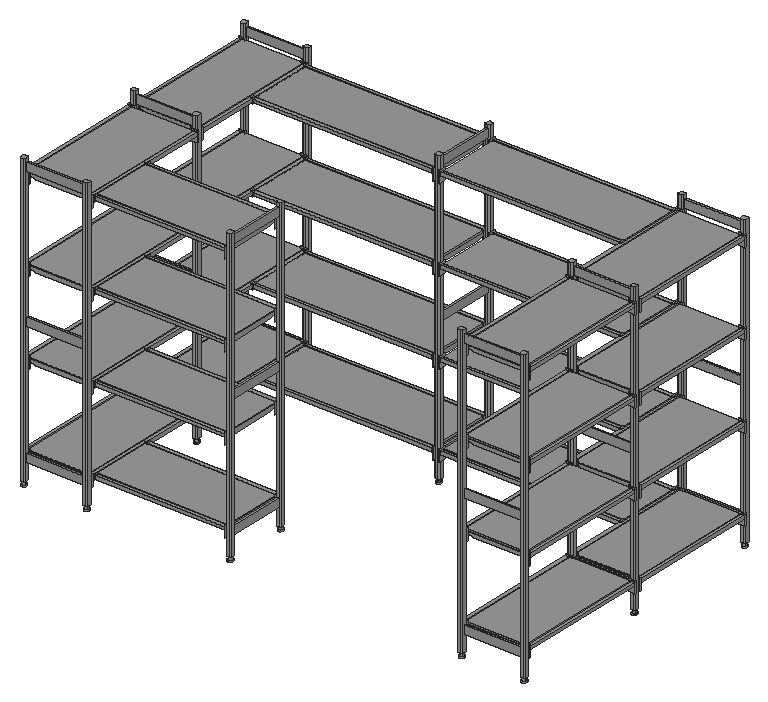
Revit family "QF_ELECTROLUXPROFESSIONAL_137105_CRS2816", category Attrezzature speciali, Revit 2020
Family settings
  Quota connettore circolare = Usa diametro
  Tipo di parte = Normale
  Basato su piano di lavoro = No
  Sempre verticale = Sì
  Taglio con vuoti quando caricato = No
  Condiviso = No
  Punto di calcolo locali = No
Parameters (values of type "Standard")
  Weight = 100.00 kg
  Watts = 0 W
  Volts = 0 V
  URL Manufacturer = "https://www.electroluxprofessional.com/"
  URL = "https://www.electroluxprofessional.com/"
  Steam Supply Size = 0 mm
  Steam Supply Minimum Pressure = 0.0 Pa
  Steam Supply Maximum Pressure = 0.0 Pa
  Steam Consumption per Hour = 0
  Refrigeration Suction Line Size = 0 mm
  Refrigeration Liquid Line Size = 0 mm
  Refrigerant Compressor Remote = yes
  Prospetto di default = 0 mm
  Produttore = "Electrolux Professional"
  Phase = 0
  Modello = "CRS2816"
  Length Actual = 708 mm  # constant formula
  Item Number = "137105"
  Hot Water Size = 0 mm
  Height Actual = 1550 mm  # constant formula
  HP = "0 HP"
  Gas Size = 0 mm
  Gas KW = 0
  Gas Input Pressure = 0 W
  Direct Waste Size = 0 mm
  Descrizione = "ALUM.SHELV.,POLY.TIERS-COLDROOM 283X163"
  Depth Actual = 373 mm  # constant formula
  Cycle = 0 Hz
  Condensate Return Size = 0 mm
  Compressed Air Volume = 0.0 L/s
  Compressed Air Size = 0 mm
  Compressed Air Pressure = 0.0 Pa
  Cold Water Size = 0 mm
  Accessory = yes
Reference planes
  plane 1 "Center (Front/Back)": y = 0
  plane 2: z = 0
  plane 3 "Center (Left/Right)": x = 0
  plane 4: x = -1415
  plane 5: y = 815
  plane 6: y = -815
  plane 7: x = 1415
  plane 8: x = -1369
  plane 9: x = 1369
  plane 10: y = 758
  plane 11: y = -758
Forms (mm)
  Extrusion 1, solid, material "QF_Clearances", detail levels coarse
    sketch origin (0, 0, 0) x (1, 0, 0) y (0, 1, 0)
      loop
        line (-1415, -815) -> (295, -815) -> (295, -758) -> (-1369, -758) -> (-1369, 758) -> (1369, 758) -> (1369, -758) -> (969, -758) -> (969, -815) -> (1415, -815) -> (1415, 815) -> (-1415, 815) -> (-1415, -815)
    from 0 to 1590
Lines and regions (mm)
  symbolic lines, style "QF_Clearances"
    curve 1: line (-1415, 815, 0) -> (-1415, -815, 0)
    curve 2: line (1415, 815, 0) -> (-1415, 815, 0)
    curve 3: line (1415, -815, 0) -> (1415, 815, 0)
  symbolic lines
    curve 4: line (-1413.483, -55, 0) -> (-1415, -55, 0)
Dimensions and locks
  equal spacing: plane 5, plane 1 "Center (Front/Back)", plane 6
  plane 5 to plane 6 = 1630 mm
  equal spacing: plane 4, plane 3 "Center (Left/Right)", plane 7
  plane 4 to plane 7 = 2830 mm
  plane 4 to plane 8 = 46 mm
  plane 8 to plane 9 = 2738 mm
  plane 11 to plane 6 = 57 mm
  plane 10 to plane 11 = 1516 mm
  Extrusion 1 to nested 5 = 57 mm
  plane 8 to nested 7 = 1117 mm
  nested 7 to Extrusion 1 = 547 mm
  plane 4 to Extrusion 1 = 1710 mm
  aligned and locked: level to plane 2
  aligned and locked: plane 4 to Extrusion 1 sketch curve
  aligned and locked: Extrusion 1 sketch curve to plane 5
  aligned and locked: Extrusion 1 sketch curve to plane 7
  aligned and locked: Extrusion 1 sketch curve to plane 8
  aligned and locked: Extrusion 1 sketch curve to plane 10
  aligned and locked: plane 9 to Extrusion 1 sketch curve
  aligned and locked: Extrusion 1 sketch curve to plane 11
  aligned and locked: Extrusion 1 sketch curve to plane 6
Automatic sketch dimensions
  curve 1 to plane 4 = 0 mm
  plane 5 to curve 3 = 0 mm
  curve 3 to plane 7 = 0 mm
  curve 1 to plane 6 = 0 mm
  plane 6 to curve 3 = 0 mm
  curve 4 to curve 4 = 1.517 mm
  plane 1 "Center (Front/Back)" to curve 4 = 55 mm
  plane 3 "Center (Left/Right)" to Extrusion 1 sketch curve = 295 mm
  Extrusion 1 sketch curve to plane 9 = 400 mm
  plane 6 to Extrusion 1 sketch curve = 0 mm
  plane 11 to Extrusion 1 sketch curve = 0 mm
Nested families
  nested 1: "QF_708" at (-1346, 403, 0) x (0, 1, 0) z (0, 0, 1), type "QF_708"
  nested 2: "QF_708" at (1019, 403, 0) x (0, 1, 0) z (0, 0, 1), type "QF_708"
  nested 3: "QF_708" at (1019, -341, 0) x (0, 1, 0) z (0, 0, 1), type "QF_708"
  nested 4: "QF_974G" at (535.5, 506.5, 0) x (0, -1, 0) z (0, 0, 1), type "QF_974G"
  nested 5: "QF_974G" at (-535.5, 506.5, 0) x (0, -1, 0) z (0, 0, 1), type "QF_974G"
  nested 6: "QF_708" at (-1346, -341, 0) x (0, 1, 0) z (0, 0, 1), type "QF_708"
  nested 7: "QF_708G" at (-801.5, -506.5, 0) x (0, 1, 0) z (0, 0, 1), type "QF_708G"
Definition of nested family "QF_708"
  Parameters
    Default Elevation = 0 mm
    Model = "137010"
    Manufacturer = "Electrolux Professional"
    Description = ""
  Reference planes
    plane 1: z = 0
    plane 2 "Center (Left/Right)": x = -31
    plane 3 "LEFT": x = -417
    plane 4 "RIGHT": x = 355
    plane 5 "BACK": y = 23
    plane 6 "FRONT": y = -350
    plane 7 "TOP": z = 1700
    plane 8: x = 350
    plane 9: x = -385
    plane 10: x = 323
    plane 11 "Center (Front/Back)": y = -163.5
    plane 12: x = 318
    plane 13: y = -8.5
    plane 14: y = -318.5
    plane 15 "FEET": z = 25
    plane 16: z = 140
    plane 17: z = 590
    plane 18: z = 1040
    plane 19: z = 1490
    plane 20 "CXLeft": x = -403
    plane 21 "CXRight": x = 341
    plane 22: y = 5.5
    plane 23 "CYBack": y = 5.5
    plane 24 "CYFront": y = -332.5
  Forms (mm)
    Extrusion 1, solid
      sketch origin (-417, 0, 0) x (0, 1, 0) y (0, 0, 1)
        loop
          line (4, 1515.994) -> (4, 1497.998) -> (23, 1497.998) -> (23, 1515.994) -> (4, 1515.994)
        loop
          line (-331, 1515.994) -> (-350, 1515.994) -> (-350, 1497.998) -> (-331, 1497.998) -> (-331, 1515.994)
        loop
          line (4, 1065.994) -> (4, 1047.998) -> (23, 1047.998) -> (23, 1065.994) -> (4, 1065.994)
        loop
          line (-331, 1065.994) -> (-350, 1065.994) -> (-350, 1047.998) -> (-331, 1047.998) -> (-331, 1065.994)
        loop
          line (4, 615.994) -> (4, 597.998) -> (23, 597.998) -> (23, 615.994) -> (4, 615.994)
        loop
          line (-331, 615.994) -> (-350, 615.994) -> (-350, 597.998) -> (-331, 597.998) -> (-331, 615.994)
        loop
          line (4, 165.994) -> (4, 147.998) -> (23, 147.998) -> (23, 165.994) -> (4, 165.994)
        loop
          line (-331, 165.994) -> (-350, 165.994) -> (-350, 147.998) -> (-331, 147.998) -> (-331, 165.994)
      from 32 to 740
    Extrusion 2, solid
      sketch origin (-417, 0, 135) x (0, 1, 0) y (0, 0, 1)
        loop
          line (2.007, 1380.994) -> (-329, 1380.994) -> (-329, 1374.496) -> (2.007, 1374.496) -> (2.007, 1380.994)
        loop
          line (2.007, 930.994) -> (-329, 930.994) -> (-329, 924.496) -> (2.007, 924.496) -> (2.007, 930.994)
        loop
          line (2.007, 480.994) -> (-329, 480.994) -> (-329, 474.496) -> (2.007, 474.496) -> (2.007, 480.994)
        loop
          line (2.007, 30.994) -> (-329, 30.994) -> (-329, 24.496) -> (2.007, 24.496) -> (2.007, 30.994)
      from 32 to 740
    Extrusion 3, solid
      sketch origin (355, 0, 135) x (0, 1, 0) y (0, 0, 1)
        loop
          line (-12, 1362.998) -> (4, 1362.998) -> (4, 1380.994) -> (2.007, 1380.994) -> (2.007, 1374.496) -> (-329, 1374.496) -> (-329, 1380.994) -> (-331, 1380.994) -> (-331, 1362.998) -> (-315, 1362.998) -> (-281, 1350.994) -> (-46, 1350.994) -> (-12, 1362.998)
        loop
          line (-12, 912.998) -> (4, 912.998) -> (4, 930.994) -> (2.007, 930.994) -> (2.007, 924.496) -> (-329, 924.496) -> (-329, 930.994) -> (-331, 930.994) -> (-331, 912.998) -> (-315, 912.998) -> (-281, 900.994) -> (-46, 900.994) -> (-12, 912.998)
        loop
          line (-12, 462.998) -> (4, 462.998) -> (4, 480.994) -> (2.007, 480.994) -> (2.007, 474.496) -> (-329, 474.496) -> (-329, 480.994) -> (-331, 480.994) -> (-331, 462.998) -> (-315, 462.998) -> (-281, 450.994) -> (-46, 450.994) -> (-12, 462.998)
        loop
          line (-12, 12.998) -> (4, 12.998) -> (4, 30.994) -> (2.007, 30.994) -> (2.007, 24.496) -> (-329, 24.496) -> (-329, 30.994) -> (-331, 30.994) -> (-331, 12.998) -> (-315, 12.998) -> (-281, 0.994) -> (-46, 0.994) -> (-12, 12.998)
      from -32 to -37
  Lines and regions (mm)
    symbolic lines
      curve 1: line (323, 4, 1700) -> (-385, 4, 1700)
      curve 2: line (-389, 23, 1700) -> (327, 23, 1700)
      curve 3: line (327, 13.246, 1700) -> (333.254, 19.5, 1700)
      curve 4: line (333.254, -8.5, 1700) -> (327, -2.246, 1700)
      curve 5: line (333.254, -318.5, 1700) -> (327, -324.754, 1700)
      curve 6: line (-389, -350, 1700) -> (327, -350, 1700)
      curve 7: line (327, 23, 1700) -> (327, -12.993, 1700)
      curve 8: line (327, -12.993, 1700) -> (323, -12.993, 1700)
      curve 9: line (327, -350, 1700) -> (327, -314.007, 1700)
      curve 10: line (327, -314.007, 1700) -> (323, -314.007, 1700)
      curve 11: line (-385, -12.993, 1700) -> (-385, -314.007, 1700)
      curve 12: line (-385, -331, 1700) -> (323, -331, 1700)
      curve 13: line (323, -12.993, 1700) -> (323, -314.007, 1700)
  Dimensions and locks
    locked: plane 3 "LEFT" to plane 4 "RIGHT" at 772
    equal spacing: plane 3 "LEFT", plane 2 "Center (Left/Right)", plane 4 "RIGHT"
    locked: plane 7 "TOP" to level at 1700
    locked: plane 5 "BACK" to plane 6 "FRONT" at 373
    locked: plane 4 "RIGHT" to plane 8 at 5
    locked: plane 9 to plane 10 at 708
    locked: plane 3 "LEFT" to plane 9 at 32
    plane 12 to plane 10 = 5 mm
    locked: plane 13 to plane 14 at 310
    equal spacing: plane 13, plane 11 "Center (Front/Back)", plane 14
    equal spacing: plane 5 "BACK", plane 11 "Center (Front/Back)", plane 6 "FRONT"
    plane 15 "FEET" to level = 25 mm
    plane 7 "TOP" to plane 15 "FEET" = 1675 mm
    plane 17 to plane 16 = 450 mm
    plane 18 to plane 17 = 450 mm
    plane 19 to plane 18 = 450 mm
    locked: plane 3 "LEFT" to plane 20 "CXLeft" at 14
    locked: plane 21 "CXRight" to plane 4 "RIGHT" at 14
    locked: plane 5 "BACK" to plane 23 "CYBack" at 17.5
    locked: plane 24 "CYFront" to plane 6 "FRONT" at 17.5
    plane 16 to level = 140 mm
    plane 17 to level = 590 mm
    plane 18 to level = 1040 mm
    plane 19 to level = 1490 mm
    aligned and locked: level to plane 1
    aligned and locked: plane 9 to Extrusion 2
    aligned and locked: Extrusion 2 to plane 10
    aligned and locked: plane 9 to Extrusion 1
    aligned and locked: Extrusion 1 to plane 10
    aligned and locked: Extrusion 1 sketch curve to Extrusion 1 sketch curve  (x2)
    aligned and locked: Extrusion 3 sketch curve to Extrusion 3 sketch curve  (x3)
    aligned and locked: Extrusion 3 to plane 12
    aligned and locked: Extrusion 3 to plane 10
    aligned and locked: plane 20 "CXLeft" to nested 1
    aligned and locked: plane 21 "CXRight" to nested 2
  Automatic sketch dimensions
    Extrusion 1 sketch curve to plane 6 "FRONT" = 0 mm  (x4)
    Extrusion 1 sketch curve to plane 5 "BACK" = 0 mm  (x4)
    plane 24 "CYFront" to Extrusion 1 sketch curve = 1.5 mm  (x2)
    plane 22 to Extrusion 1 sketch curve = 1.5 mm  (x4)
    plane 16 to Extrusion 1 sketch curve = 7.998 mm  (x2)
    Extrusion 1 sketch curve to Extrusion 1 sketch curve = 17.997 mm  (x8)
    plane 17 to Extrusion 1 sketch curve = 7.998 mm  (x2)
    plane 18 to Extrusion 1 sketch curve = 7.998 mm  (x2)
    plane 19 to Extrusion 1 sketch curve = 7.998 mm  (x2)
    plane 24 "CYFront" to Extrusion 2 sketch curve = 3.5 mm  (x4)
    plane 22 to Extrusion 2 sketch curve = 3.493 mm  (x4)
    plane 16 to Extrusion 2 sketch curve = 19.496 mm
    Extrusion 2 sketch curve to Extrusion 2 sketch curve = 6.499 mm  (x4)
    plane 17 to Extrusion 2 sketch curve = 19.496 mm
    plane 18 to Extrusion 2 sketch curve = 19.496 mm
    plane 19 to Extrusion 2 sketch curve = 19.496 mm
    plane 24 "CYFront" to Extrusion 3 sketch curve = 1.5 mm  (x4)
    Extrusion 3 sketch curve to Extrusion 3 sketch curve = 2 mm
    plane 14 to Extrusion 3 sketch curve = 3.5 mm  (x4)
    Extrusion 3 sketch curve to plane 16 = 4.006 mm
    Extrusion 3 sketch curve to Extrusion 3 sketch curve = 34 mm  (x4)
    Extrusion 3 sketch curve to plane 17 = 4.006 mm
    Extrusion 3 sketch curve to plane 18 = 4.006 mm
    Extrusion 3 sketch curve to plane 19 = 4.006 mm
    Extrusion 3 sketch curve to plane 13 = 37.5 mm  (x4)
    Extrusion 3 sketch curve to plane 13 = 3.5 mm  (x4)
    plane 22 to Extrusion 3 sketch curve = 3.493 mm  (x4)
    plane 22 to Extrusion 3 sketch curve = 1.5 mm  (x4)
    plane 16 to Extrusion 3 sketch curve = 7.998 mm  (x2)
    Extrusion 3 sketch curve to Extrusion 3 sketch curve = 11.498 mm  (x4)
    Extrusion 3 sketch curve to Extrusion 3 sketch curve = 6.499 mm  (x8)
    plane 17 to Extrusion 3 sketch curve = 7.998 mm  (x2)
    plane 18 to Extrusion 3 sketch curve = 7.998 mm  (x2)
    plane 19 to Extrusion 3 sketch curve = 7.998 mm  (x2)
    curve 6 to plane 6 "FRONT" = 0 mm
    curve 12 to plane 9 = 0 mm
    curve 12 to plane 10 = 0 mm
    curve 5 to plane 14 = 0 mm
    curve 11 to plane 9 = 0 mm
    curve 8 to plane 10 = 0 mm
    curve 4 to plane 13 = 0 mm
    curve 1 to plane 9 = 0 mm
    curve 1 to plane 10 = 0 mm
    curve 2 to plane 5 "BACK" = 0 mm
    plane 14 to curve 10 = 4.493 mm
    curve 7 to plane 13 = 4.493 mm
    curve 10 to plane 10 = 4 mm
    curve 7 to plane 10 = 4 mm
    plane 24 "CYFront" to curve 12 = 1.5 mm
    curve 5 to plane 14 = 6.254 mm
    plane 14 to curve 11 = 4.493 mm
    curve 11 to plane 13 = 4.493 mm
    plane 13 to curve 4 = 6.254 mm
    plane 22 to curve 1 = 1.5 mm
    curve 3 to plane 22 = 7.746 mm
    curve 3 to plane 5 "BACK" = 3.5 mm
    curve 5 to curve 9 = 6.254 mm
    curve 3 to curve 2 = 6.254 mm
    curve 4 to curve 7 = 6.254 mm
    plane 9 to curve 2 = 4 mm
    plane 9 to curve 6 = 4 mm
  Nested families
    nested 1: "WT_Anta373B" at (0, 0, 0), type "WT_Anta373B"
    nested 2: "WT_Anta373B" at (-62, 0, 0) x (-1, 0, 0) z (0, 0, 1), type "WT_Anta373B"
  Definition of nested family "WT_Anta373B"
    Parameters
      WidthLeft = A + 64 mm  # 772 mm
      Width = 1606 mm
      Right = WidthLeft / 2  # 386 mm
      Default Elevation = 0 mm
      Left = -WidthLeft / 2  # -386 mm
      Height = 1590 mm
      FEET = 25 mm
      E = 0 mm
      Dint = Depth - 63 mm  # 310 mm
      Dext = Depth - 8 mm  # 365 mm
      Depth = 373 mm
      DX = (WidthLeft - A) / 2  # 32 mm
      B = 798 mm
      A = 708 mm
    Reference planes
      plane 1: z = 0
      plane 2 "LEFT": x = -417
      plane 3 "BACK": y = 23
      plane 4 "FRONT": y = -350
      plane 5 "TOP": z = 1590
      plane 6 "Center (Front/Back)": y = -163.5
      plane 7: y = -8.5
      plane 8: y = -318.5
      plane 9 "FEET": z = 25
      plane 10: z = 140
      plane 11: z = 590
      plane 12: z = 1040
      plane 13: z = 1490
      plane 14 "CXLeft": x = -403
      plane 15: y = 5.5
      plane 16 "CYBack": y = 5.5
      plane 17 "CYFront": y = -332.5
      plane 18: x = -385.031
      plane 19: x = -380.031
    Forms (mm)
      Extrusion 1, solid
        sketch origin (0, 0, 0) x (1, 0, 0) y (0, 1, 0)
          loop
            line (-417, 13.246) -> (-417, -2.246) -> (-410.746, -8.5) -> (-395.254, -8.5) -> (-389, -2.246) -> (-389, 13.246) -> (-395.254, 19.5) -> (-410.746, 19.5) -> (-417, 13.246)
        from 1590 to 25
      Extrusion 2, solid
        sketch origin (-417, 0, 0) x (0, 1, 0) y (0, 0, 1)
          loop
            line (23, 111.005) -> (23, 172.993) -> (-12.993, 172.993) -> (-12.993, 111.005) -> (23, 111.005)
          loop
            line (-350, 111.005) -> (-314.007, 111.005) -> (-314.007, 172.993) -> (-350, 172.993) -> (-350, 111.005)
          loop
            line (23, 561.005) -> (23, 622.993) -> (-12.993, 622.993) -> (-12.993, 561.005) -> (23, 561.005)
          loop
            line (-350, 561.005) -> (-314.007, 561.005) -> (-314.007, 622.993) -> (-350, 622.993) -> (-350, 561.005)
          loop
            line (23, 1011.005) -> (23, 1072.993) -> (-12.993, 1072.993) -> (-12.993, 1011.005) -> (23, 1011.005)
          loop
            line (-350, 1011.005) -> (-314.007, 1011.005) -> (-314.007, 1072.993) -> (-350, 1072.993) -> (-350, 1011.005)
          loop
            line (23, 1461.005) -> (23, 1522.993) -> (-12.993, 1522.993) -> (-12.993, 1461.005) -> (23, 1461.005)
          loop
            line (-350, 1461.005) -> (-314.007, 1461.005) -> (-314.007, 1522.993) -> (-350, 1522.993) -> (-350, 1461.005)
        from 28 to 32
      Revolve 3, solid
        sketch origin (-403, 0, 0) x (0, 1, 0) y (0, 0, 1)
          loop
            line (5.5, 25) -> (5.5, 0) -> (19, 0) -> (19, 5) -> (14, 5) -> (14, 25) -> (5.5, 25)
          axis (5.5, 25) -> (5.5, 0)
        angle from 0 to 360
      Extrusion 4, solid
        sketch origin (-403, 0, 0) x (0, 1, 0) y (0, 0, 1)
          loop
            line (-8.5, 777.382) -> (-8.5, 822.374) -> (-318.5, 822.374) -> (-318.5, 777.382) -> (-8.5, 777.382)
          loop
            line (-8.5, 1527.244) -> (-8.5, 1572.236) -> (-318.5, 1572.236) -> (-318.5, 1527.244) -> (-8.5, 1527.244)
        from -5 to 5
      Revolve 5, solid
        sketch origin (-403, -627, 0) x (0, -1, 0) y (0, 0, 1)
          loop
            line (-294.5, 25) -> (-294.5, 0) -> (-281, 0) -> (-281, 5) -> (-286, 5) -> (-286, 25) -> (-294.5, 25)
          axis (-294.5, 25) -> (-294.5, 0)
        angle from 0 to 360
      Extrusion 6, solid
        sketch origin (0, -627, 0) x (1, 0, 0) y (0, 1, 0)
          loop
            line (-417, 286.754) -> (-410.746, 280.5) -> (-395.254, 280.5) -> (-389, 286.754) -> (-389, 302.246) -> (-395.254, 308.5) -> (-410.746, 308.5) -> (-417, 302.246) -> (-417, 286.754)
        from 1590 to 25
      Extrusion 7, solid
        sketch origin (-417.031, -0.022, 0) x (0, 1, 0) y (0, 0, -1)
          loop
            line (-12, -1497.998) -> (-46, -1485.994) -> (-281, -1485.994) -> (-315, -1497.998) -> (-331, -1497.998) -> (-331, -1515.994) -> (-329, -1515.994) -> (-329, -1509.496) -> (2.007, -1509.496) -> (2.007, -1515.994) -> (4, -1515.994) -> (4, -1497.998) -> (-12, -1497.998)
          loop
            line (-12, -1047.998) -> (-46, -1035.994) -> (-281, -1035.994) -> (-315, -1047.998) -> (-331, -1047.998) -> (-331, -1065.994) -> (-329, -1065.994) -> (-329, -1059.496) -> (2.007, -1059.496) -> (2.007, -1065.994) -> (4, -1065.994) -> (4, -1047.998) -> (-12, -1047.998)
          loop
            line (-12, -597.998) -> (-46, -585.994) -> (-281, -585.994) -> (-315, -597.998) -> (-331, -597.998) -> (-331, -615.994) -> (-329, -615.994) -> (-329, -609.496) -> (2.007, -609.496) -> (2.007, -615.994) -> (4, -615.994) -> (4, -597.998) -> (-12, -597.998)
          loop
            line (-12, -147.998) -> (-46, -135.994) -> (-281, -135.994) -> (-315, -147.998) -> (-331, -147.998) -> (-331, -165.994) -> (-329, -165.994) -> (-329, -159.496) -> (2.007, -159.496) -> (2.007, -165.994) -> (4, -165.994) -> (4, -147.998) -> (-12, -147.998)
        from -32 to -37
      Extrusion 8, solid
        sketch origin (-403, 0, -659.878) x (0, 1, 0) y (0, 0, 1)
          loop
            line (-8.5, 777.382) -> (-8.5, 822.374) -> (-318.5, 822.374) -> (-318.5, 777.382) -> (-8.5, 777.382)
          loop
            line (-8.5, 1437.382) -> (-8.5, 1482.374) -> (-318.5, 1482.374) -> (-318.5, 1437.382) -> (-8.5, 1437.382)
          loop
            line (-8.5, 2187.382) -> (-8.5, 2232.374) -> (-318.5, 2232.374) -> (-318.5, 2187.382) -> (-8.5, 2187.382)
        from -5 to 5
    Lines and regions (mm)
      symbolic lines
        curve 1: line (-408, -8.5, 1590) -> (-408, -318.5, 1590)
        curve 2: line (-398, -318.5, 1590) -> (-398, -8.5, 1590)
        curve 3: line (-395.254, -8.5, 1590) -> (-410.746, -8.5, 1590)
        curve 4: line (-417, -2.246, 1590) -> (-410.746, -8.5, 1590)
        curve 5: line (-417, 13.246, 1590) -> (-417, -2.246, 1590)
        curve 6: line (-410.746, 19.5, 1590) -> (-417, 13.246, 1590)
        curve 7: line (-395.254, 19.5, 1590) -> (-410.746, 19.5, 1590)
        curve 8: line (-389, 13.246, 1590) -> (-395.254, 19.5, 1590)
        curve 9: line (-395.254, -8.5, 1590) -> (-389, -2.246, 1590)
        curve 10: line (-395.254, -318.5, 1590) -> (-410.746, -318.5, 1590)
        curve 11: line (-417, -324.754, 1590) -> (-410.746, -318.5, 1590)
        curve 12: line (-410.746, -346.5, 1590) -> (-417, -340.246, 1590)
        curve 13: line (-395.254, -346.5, 1590) -> (-410.746, -346.5, 1590)
        curve 14: line (-389, -340.246, 1590) -> (-395.254, -346.5, 1590)
        curve 15: line (-395.254, -318.5, 1590) -> (-389, -324.754, 1590)
        curve 16: line (-389, -350, 1590) -> (-389, -314.007, 1590)
        curve 17: line (-389, -314.007, 1590) -> (-385, -314.007, 1590)
        curve 18: line (-389, 23, 1590) -> (-389, -12.993, 1590)
        curve 19: line (-389, -12.993, 1590) -> (-385, -12.993, 1590)
        curve 20: line (-417, -324.754, 1590) -> (-417, -340.246, 1590)
        curve 21: line (-385, -350, 1590) -> (-385, -314.007, 1590)
        curve 22: line (-385, -350, 1590) -> (-389, -350, 1590)
        curve 23: line (-385, 23, 1590) -> (-389, 23, 1590)
        curve 24: line (-385, -12.993, 1590) -> (-385, 23, 1590)
        curve 25: line (-385.031, -13.016, 1725) -> (-385.031, -314.029, 1725)
    Dimensions and locks
      "Depth": plane 3 "BACK" to plane 4 "FRONT"
      "Dint": plane 7 to plane 8
      equal spacing: plane 7, plane 6 "Center (Front/Back)", plane 8
      equal spacing: plane 3 "BACK", plane 6 "Center (Front/Back)", plane 4 "FRONT"
      plane 9 "FEET" to level = 25 mm
      plane 10 to plane 9 "FEET" = 115 mm
      plane 11 to plane 10 = 450 mm
      plane 12 to plane 11 = 450 mm
      plane 13 to plane 12 = 450 mm
      locked: plane 2 "LEFT" to plane 14 "CXLeft" at 14
      locked: plane 3 "BACK" to plane 16 "CYBack" at 17.5
      locked: plane 17 "CYFront" to plane 4 "FRONT" at 17.5
      locked: Revolve 3 sketch curve to Revolve 3 sketch curve at 8.5
      locked: Revolve 3 sketch curve to plane 16 "CYBack" at 13.5
      locked: Revolve 5 sketch curve to Revolve 5 sketch curve at 8.5
      plane 10 to level = 140 mm
      plane 11 to level = 590 mm
      plane 12 to level = 1040 mm
      plane 13 to level = 1490 mm
      "Height": plane 5 "TOP" to level
      aligned and locked: level to plane 1
      aligned and locked: curve 20 to Extrusion 6
      aligned and locked: plane 5 "TOP" to Extrusion 1
      aligned and locked: plane 5 "TOP" to Extrusion 6
      aligned and locked: Extrusion 7 sketch curve to Extrusion 7 sketch curve  (x3)
    Automatic sketch dimensions
      curve 16 to plane 4 "FRONT" = 0 mm
      curve 11 to plane 8 = 0 mm
      curve 9 to plane 7 = 0 mm
      curve 5 to plane 2 "LEFT" = 0 mm
      curve 23 to plane 3 "BACK" = 0 mm
      plane 4 "FRONT" to curve 13 = 3.5 mm
      curve 20 to plane 17 "CYFront" = 7.746 mm
      curve 20 to plane 8 = 6.254 mm
      plane 8 to curve 16 = 4.493 mm
      curve 24 to plane 18 = 0.031 mm
      curve 24 to plane 7 = 4.493 mm
      plane 7 to curve 5 = 6.254 mm
      curve 5 to plane 15 = 7.746 mm
      curve 6 to plane 3 "BACK" = 3.5 mm
      curve 21 to plane 18 = 0.031 mm
      plane 18 to curve 23 = 3.969 mm
      plane 18 to curve 16 = 3.969 mm
      curve 18 to curve 8 = 6.254 mm
      curve 18 to curve 3 = 6.254 mm
      curve 16 to curve 13 = 6.254 mm
      curve 16 to curve 15 = 6.254 mm
      plane 2 "LEFT" to curve 10 = 6.254 mm
      plane 2 "LEFT" to curve 7 = 6.254 mm
      plane 2 "LEFT" to curve 12 = 6.254 mm
      plane 2 "LEFT" to curve 3 = 6.254 mm
      curve 14 to plane 17 "CYFront" = 7.746 mm
      curve 15 to plane 8 = 6.254 mm
      plane 7 to curve 9 = 6.254 mm
      curve 8 to plane 15 = 7.746 mm
      curve 3 to curve 2 = 2.746 mm
      curve 1 to curve 10 = 2.746 mm
      Extrusion 1 sketch curve to plane 2 "LEFT" = 0 mm
      Extrusion 1 sketch curve to plane 7 = 0 mm
      plane 2 "LEFT" to Extrusion 1 sketch curve = 6.254 mm  (x2)
      plane 14 "CXLeft" to Extrusion 1 sketch curve = 7.746 mm  (x2)
      Extrusion 1 sketch curve to plane 3 "BACK" = 3.5 mm
      plane 18 to Extrusion 1 sketch curve = 3.969 mm
      plane 7 to Extrusion 1 sketch curve = 6.254 mm  (x2)
      Extrusion 1 sketch curve to plane 15 = 7.746 mm  (x2)
      Extrusion 2 sketch curve to plane 4 "FRONT" = 0 mm  (x4)
      Extrusion 2 sketch curve to plane 3 "BACK" = 0 mm  (x4)
      plane 8 to Extrusion 2 sketch curve = 4.493 mm  (x4)
      Extrusion 2 sketch curve to plane 7 = 4.493 mm  (x4)
      Extrusion 2 sketch curve to plane 10 = 28.995 mm  (x2)
      plane 10 to Extrusion 2 sketch curve = 32.993 mm  (x2)
      Extrusion 2 sketch curve to plane 11 = 28.995 mm  (x2)
      plane 11 to Extrusion 2 sketch curve = 32.993 mm  (x2)
      Extrusion 2 sketch curve to plane 12 = 28.995 mm  (x2)
      plane 12 to Extrusion 2 sketch curve = 32.993 mm  (x2)
      Extrusion 2 sketch curve to plane 13 = 28.995 mm  (x2)
      plane 13 to Extrusion 2 sketch curve = 32.993 mm  (x2)
      Revolve 3 sketch curve to plane 9 "FEET" = 0 mm  (x2)
      Revolve 3 sketch curve to plane 15 = 0 mm  (x2)
      Revolve 3 sketch curve to level = 0 mm
      level to Revolve 3 sketch curve = 5 mm
      Revolve 3 sketch curve to Revolve 3 sketch curve = 11.655 mm
      Extrusion 4 sketch curve to plane 8 = 0 mm  (x2)
      Extrusion 4 sketch curve to plane 7 = 0 mm  (x2)
      plane 11 to Extrusion 4 sketch curve = 187.382 mm
      Extrusion 4 sketch curve to Extrusion 4 sketch curve = 44.992 mm
      plane 13 to Extrusion 4 sketch curve = 37.244 mm
      Extrusion 4 sketch curve to plane 5 "TOP" = 17.764 mm
      Revolve 5 sketch curve to plane 9 "FEET" = 0 mm  (x2)
      Revolve 5 sketch curve to plane 17 "CYFront" = 0 mm  (x2)
      Revolve 5 sketch curve to level = 0 mm
      Revolve 5 sketch curve to plane 4 "FRONT" = 4 mm
      Revolve 5 sketch curve to Revolve 5 sketch curve = 5 mm
      level to Revolve 5 sketch curve = 11.655 mm
      Extrusion 6 sketch curve to plane 2 "LEFT" = 0 mm
      Extrusion 6 sketch curve to plane 8 = 0 mm
      Extrusion 6 sketch curve to plane 2 "LEFT" = 6.254 mm  (x2)
      Extrusion 6 sketch curve to plane 14 "CXLeft" = 7.746 mm  (x2)
      Extrusion 6 sketch curve to plane 4 "FRONT" = 3.5 mm
      Extrusion 6 sketch curve to plane 18 = 3.969 mm
      plane 8 to Extrusion 6 sketch curve = 6.254 mm  (x2)
      plane 17 "CYFront" to Extrusion 6 sketch curve = 7.746 mm  (x2)
      plane 17 "CYFront" to Extrusion 7 sketch curve = 1.478 mm  (x4)
      Extrusion 7 sketch curve to Extrusion 7 sketch curve = 2 mm
      plane 8 to Extrusion 7 sketch curve = 3.478 mm  (x4)
      Extrusion 7 sketch curve to plane 10 = 4.006 mm
      Extrusion 7 sketch curve to Extrusion 7 sketch curve = 34 mm  (x4)
      Extrusion 7 sketch curve to plane 11 = 4.006 mm
      Extrusion 7 sketch curve to plane 12 = 4.006 mm
      Extrusion 7 sketch curve to plane 13 = 4.006 mm
      Extrusion 7 sketch curve to plane 7 = 37.522 mm  (x4)
      Extrusion 7 sketch curve to plane 7 = 3.522 mm  (x4)
      plane 15 to Extrusion 7 sketch curve = 3.516 mm  (x4)
      plane 15 to Extrusion 7 sketch curve = 1.522 mm  (x4)
      plane 13 to Extrusion 7 sketch curve = 7.998 mm  (x2)
      Extrusion 7 sketch curve to Extrusion 7 sketch curve = 11.498 mm
      Extrusion 7 sketch curve to Extrusion 7 sketch curve = 6.499 mm  (x5)
      plane 12 to Extrusion 7 sketch curve = 25.994 mm  (x2)
      plane 12 to Extrusion 7 sketch curve = 7.998 mm  (x2)
      plane 11 to Extrusion 7 sketch curve = 25.994 mm  (x2)
      plane 11 to Extrusion 7 sketch curve = 7.998 mm  (x2)
      plane 10 to Extrusion 7 sketch curve = 25.994 mm  (x2)
      plane 10 to Extrusion 7 sketch curve = 7.998 mm  (x2)
      curve 25 to plane 18 = 0 mm
      plane 8 to curve 25 = 4.471 mm
      curve 25 to plane 7 = 4.516 mm
      Extrusion 8 sketch curve to plane 8 = 0 mm  (x3)
      Extrusion 8 sketch curve to plane 7 = 0 mm  (x3)
      Extrusion 8 sketch curve to plane 10 = 22.496 mm
      plane 10 to Extrusion 8 sketch curve = 22.496 mm
      plane 11 to Extrusion 8 sketch curve = 187.504 mm
      Extrusion 8 sketch curve to Extrusion 8 sketch curve = 44.992 mm
      plane 13 to Extrusion 8 sketch curve = 37.504 mm
      Extrusion 8 sketch curve to plane 5 "TOP" = 17.504 mm
Definition of nested family "QF_974G"
  Parameters
    Default Elevation = 0 mm
    Model = "137033"
    Manufacturer = "Electrolux Professional"
    Description = ""
  Reference planes
    plane 1: z = 0
    plane 2 "Center (F/B)": y = -163.5
    plane 3 "Front": y = -549.5
    plane 4 "Left": x = -217.5
    plane 5 "Right": x = 155.5
    plane 6 "TOP": z = 1700
    plane 7: y = -513
    plane 8: y = 461
    plane 9 "Center (Left/Right)": x = -31
    plane 10: y = 456
    plane 11: x = -186
    plane 12: x = 124
    plane 13 "FEET": z = 25
    plane 14: z = 140
    plane 15: z = 590
    plane 16: z = 1040
    plane 17: z = 1490
    plane 18 "CXLeft": y = -535.5
    plane 19: x = -200
    plane 20 "CYBack": x = -200
    plane 21 "CYFront": x = 138
    plane 22 "Back": y = 469.5
    plane 23 "LEFT_ORIGIN": x = -251.5
    plane 24 "BACK_Origin": y = 842.5
  Forms (mm)
    Extrusion 1, solid
      sketch origin (0, -549.5, 0) x (-1, 0, 0) y (0, 0, 1)
        loop
          line (198.5, 1515.994) -> (198.5, 1497.998) -> (217.5, 1497.998) -> (217.5, 1515.994) -> (198.5, 1515.994)
        loop
          line (-136.5, 1515.994) -> (-155.5, 1515.994) -> (-155.5, 1497.998) -> (-136.5, 1497.998) -> (-136.5, 1515.994)
        loop
          line (198.5, 1065.994) -> (198.5, 1047.998) -> (217.5, 1047.998) -> (217.5, 1065.994) -> (198.5, 1065.994)
        loop
          line (-136.5, 1065.994) -> (-155.5, 1065.994) -> (-155.5, 1047.998) -> (-136.5, 1047.998) -> (-136.5, 1065.994)
        loop
          line (198.5, 615.994) -> (198.5, 597.998) -> (217.5, 597.998) -> (217.5, 615.994) -> (198.5, 615.994)
        loop
          line (-136.5, 615.994) -> (-155.5, 615.994) -> (-155.5, 597.998) -> (-136.5, 597.998) -> (-136.5, 615.994)
        loop
          line (198.5, 165.994) -> (198.5, 147.998) -> (217.5, 147.998) -> (217.5, 165.994) -> (198.5, 165.994)
        loop
          line (-136.5, 165.994) -> (-155.5, 165.994) -> (-155.5, 147.998) -> (-136.5, 147.998) -> (-136.5, 165.994)
      from 36.5 to 1010.5
    Extrusion 2, solid
      sketch origin (0, -549.5, 0) x (-1, 0, 0) y (0, 0, 1)
        loop
          line (196.507, 1515.994) -> (-134.5, 1515.994) -> (-134.5, 1509.496) -> (196.507, 1509.496) -> (196.507, 1515.994)
        loop
          line (196.507, 1065.994) -> (-134.5, 1065.994) -> (-134.5, 1059.496) -> (196.507, 1059.496) -> (196.507, 1065.994)
        loop
          line (196.507, 615.994) -> (-134.5, 615.994) -> (-134.5, 609.496) -> (196.507, 609.496) -> (196.507, 615.994)
        loop
          line (196.507, 165.994) -> (-134.5, 165.994) -> (-134.5, 159.496) -> (196.507, 159.496) -> (196.507, 165.994)
      from 36.5 to 1010.5
  Lines and regions (mm)
    symbolic lines
      curve 1: line (-198.5, 461, 1700) -> (-198.5, -513, 1700)
      curve 2: line (-217.5, -517, 1700) -> (-217.5, 461, 1700)
      curve 3: line (155.5, -517, 1700) -> (155.5, 461, 1700)
      curve 4: line (-181.507, -513, 1700) -> (119.507, -513, 1700)
      curve 5: line (136.5, -513, 1700) -> (136.5, 461, 1700)
      curve 6: line (-198.5, 461, 1700) -> (136.5, 461, 1700)
  Dimensions and locks
    plane 3 "Front" to plane 2 "Center (F/B)" = 386 mm
    locked: plane 4 "Left" to plane 5 "Right" at 373
    locked: plane 7 to plane 8 at 974
    locked: plane 3 "Front" to plane 7 at 36.5
    plane 10 to plane 8 = 5 mm
    locked: plane 11 to plane 12 at 310
    equal spacing: plane 11, plane 9 "Center (Left/Right)", plane 12
    equal spacing: plane 4 "Left", plane 9 "Center (Left/Right)", plane 5 "Right"
    locked: plane 3 "Front" to plane 18 "CXLeft" at 14
    locked: plane 3 "Front" to plane 22 "Back" at 1019
    plane 23 "LEFT_ORIGIN" to plane 5 "Right" = 407 mm
    locked: plane 22 "Back" to plane 24 "BACK_Origin" at 373
    plane 14 to level = 140 mm
    plane 15 to level = 590 mm
    plane 16 to level = 1040 mm
    locked: plane 6 "TOP" to level at 1700
    plane 17 to level = 1490 mm
    plane 13 "FEET" to level = 25 mm
    aligned and locked: level to plane 1
    aligned and locked: Extrusion 2 to plane 7
    aligned and locked: plane 8 to Extrusion 2
    aligned and locked: Extrusion 1 to plane 7
    aligned and locked: plane 8 to Extrusion 1
    aligned and locked: Extrusion 1 sketch curve to Extrusion 1 sketch curve  (x2)
    aligned and locked: nested 1 to plane 18 "CXLeft"
    aligned and locked: nested 2 to plane 10
  Automatic sketch dimensions
    curve 2 to plane 4 "Left" = 0 mm
    curve 3 to plane 5 "Right" = 0 mm
    plane 7 to curve 1 = 0 mm
    plane 7 to curve 4 = 0 mm
    plane 7 to curve 5 = 0 mm
    plane 8 to curve 2 = 0 mm
    plane 8 to curve 1 = 0 mm
    plane 8 to curve 3 = 0 mm
    plane 21 "CYFront" to curve 5 = 1.5 mm
    plane 19 to curve 6 = 1.5 mm
    plane 7 to curve 3 = 4 mm
    plane 7 to curve 2 = 4 mm
    plane 12 to curve 4 = 4.493 mm
    curve 4 to plane 11 = 4.493 mm
    plane 5 "Right" to Extrusion 1 sketch curve = 0 mm  (x4)
    plane 4 "Left" to Extrusion 1 sketch curve = 0 mm  (x4)
    plane 21 "CYFront" to Extrusion 1 sketch curve = 1.5 mm  (x2)
    plane 19 to Extrusion 1 sketch curve = 1.5 mm  (x4)
    plane 14 to Extrusion 1 sketch curve = 7.998 mm  (x2)
    Extrusion 1 sketch curve to Extrusion 1 sketch curve = 17.997 mm  (x8)
    plane 15 to Extrusion 1 sketch curve = 7.998 mm  (x2)
    plane 16 to Extrusion 1 sketch curve = 7.998 mm  (x2)
    plane 17 to Extrusion 1 sketch curve = 7.998 mm  (x2)
    plane 21 "CYFront" to Extrusion 2 sketch curve = 3.5 mm  (x4)
    plane 19 to Extrusion 2 sketch curve = 3.493 mm  (x4)
    plane 14 to Extrusion 2 sketch curve = 19.496 mm
    Extrusion 2 sketch curve to Extrusion 2 sketch curve = 6.499 mm  (x4)
    plane 15 to Extrusion 2 sketch curve = 19.496 mm
    plane 16 to Extrusion 2 sketch curve = 19.496 mm
    plane 17 to Extrusion 2 sketch curve = 19.496 mm
  Nested families
    nested 1: "WT_Anta373B" at (-194.5, -132.5, 0) x (0, 1, 0) z (0, 0, 1), type "WT_Anta373B"
    nested 2: "WT_Aggancio373B" at (-194.5, 873, 0) x (0, 1, 0) z (0, 0, 1), type "WT_Aggancio373B"
  Definition of nested family "WT_Anta373B"
    Parameters
      WidthLeft = A + 64 mm  # 772 mm
      Width = 1606 mm
      Right = WidthLeft / 2  # 386 mm
      Default Elevation = 0 mm
      Left = -WidthLeft / 2  # -386 mm
      Height = 1590 mm
      FEET = 25 mm
      E = 0 mm
      Dint = Depth - 63 mm  # 310 mm
      Dext = Depth - 8 mm  # 365 mm
      Depth = 373 mm
      DX = (WidthLeft - A) / 2  # 32 mm
      B = 798 mm
      A = 708 mm
    Reference planes
      plane 1: z = 0
      plane 2 "LEFT": x = -417
      plane 3 "BACK": y = 23
      plane 4 "FRONT": y = -350
      plane 5 "TOP": z = 1590
      plane 6 "Center (Front/Back)": y = -163.5
      plane 7: y = -8.5
      plane 8: y = -318.5
      plane 9 "FEET": z = 25
      plane 10: z = 140
      plane 11: z = 590
      plane 12: z = 1040
      plane 13: z = 1490
      plane 14 "CXLeft": x = -403
      plane 15: y = 5.5
      plane 16 "CYBack": y = 5.5
      plane 17 "CYFront": y = -332.5
      plane 18: x = -385.031
      plane 19: x = -380.031
    Forms (mm)
      Extrusion 1, solid
        sketch origin (0, 0, 0) x (1, 0, 0) y (0, 1, 0)
          loop
            line (-417, 13.246) -> (-417, -2.246) -> (-410.746, -8.5) -> (-395.254, -8.5) -> (-389, -2.246) -> (-389, 13.246) -> (-395.254, 19.5) -> (-410.746, 19.5) -> (-417, 13.246)
        from 1590 to 25
      Extrusion 2, solid
        sketch origin (-417, 0, 0) x (0, 1, 0) y (0, 0, 1)
          loop
            line (23, 111.005) -> (23, 172.993) -> (-12.993, 172.993) -> (-12.993, 111.005) -> (23, 111.005)
          loop
            line (-350, 111.005) -> (-314.007, 111.005) -> (-314.007, 172.993) -> (-350, 172.993) -> (-350, 111.005)
          loop
            line (23, 561.005) -> (23, 622.993) -> (-12.993, 622.993) -> (-12.993, 561.005) -> (23, 561.005)
          loop
            line (-350, 561.005) -> (-314.007, 561.005) -> (-314.007, 622.993) -> (-350, 622.993) -> (-350, 561.005)
          loop
            line (23, 1011.005) -> (23, 1072.993) -> (-12.993, 1072.993) -> (-12.993, 1011.005) -> (23, 1011.005)
          loop
            line (-350, 1011.005) -> (-314.007, 1011.005) -> (-314.007, 1072.993) -> (-350, 1072.993) -> (-350, 1011.005)
          loop
            line (23, 1461.005) -> (23, 1522.993) -> (-12.993, 1522.993) -> (-12.993, 1461.005) -> (23, 1461.005)
          loop
            line (-350, 1461.005) -> (-314.007, 1461.005) -> (-314.007, 1522.993) -> (-350, 1522.993) -> (-350, 1461.005)
        from 28 to 32
      Revolve 3, solid
        sketch origin (-403, 0, 0) x (0, 1, 0) y (0, 0, 1)
          loop
            line (5.5, 25) -> (5.5, 0) -> (19, 0) -> (19, 5) -> (14, 5) -> (14, 25) -> (5.5, 25)
          axis (5.5, 25) -> (5.5, 0)
        angle from 0 to 360
      Extrusion 4, solid
        sketch origin (-403, 0, 0) x (0, 1, 0) y (0, 0, 1)
          loop
            line (-8.5, 777.382) -> (-8.5, 822.374) -> (-318.5, 822.374) -> (-318.5, 777.382) -> (-8.5, 777.382)
          loop
            line (-8.5, 1527.244) -> (-8.5, 1572.236) -> (-318.5, 1572.236) -> (-318.5, 1527.244) -> (-8.5, 1527.244)
        from -5 to 5
      Revolve 5, solid
        sketch origin (-403, -627, 0) x (0, -1, 0) y (0, 0, 1)
          loop
            line (-294.5, 25) -> (-294.5, 0) -> (-281, 0) -> (-281, 5) -> (-286, 5) -> (-286, 25) -> (-294.5, 25)
          axis (-294.5, 25) -> (-294.5, 0)
        angle from 0 to 360
      Extrusion 6, solid
        sketch origin (0, -627, 0) x (1, 0, 0) y (0, 1, 0)
          loop
            line (-417, 286.754) -> (-410.746, 280.5) -> (-395.254, 280.5) -> (-389, 286.754) -> (-389, 302.246) -> (-395.254, 308.5) -> (-410.746, 308.5) -> (-417, 302.246) -> (-417, 286.754)
        from 1590 to 25
      Extrusion 7, solid
        sketch origin (-417.031, -0.022, 0) x (0, 1, 0) y (0, 0, -1)
          loop
            line (-12, -1497.998) -> (-46, -1485.994) -> (-281, -1485.994) -> (-315, -1497.998) -> (-331, -1497.998) -> (-331, -1515.994) -> (-329, -1515.994) -> (-329, -1509.496) -> (2.007, -1509.496) -> (2.007, -1515.994) -> (4, -1515.994) -> (4, -1497.998) -> (-12, -1497.998)
          loop
            line (-12, -1047.998) -> (-46, -1035.994) -> (-281, -1035.994) -> (-315, -1047.998) -> (-331, -1047.998) -> (-331, -1065.994) -> (-329, -1065.994) -> (-329, -1059.496) -> (2.007, -1059.496) -> (2.007, -1065.994) -> (4, -1065.994) -> (4, -1047.998) -> (-12, -1047.998)
          loop
            line (-12, -597.998) -> (-46, -585.994) -> (-281, -585.994) -> (-315, -597.998) -> (-331, -597.998) -> (-331, -615.994) -> (-329, -615.994) -> (-329, -609.496) -> (2.007, -609.496) -> (2.007, -615.994) -> (4, -615.994) -> (4, -597.998) -> (-12, -597.998)
          loop
            line (-12, -147.998) -> (-46, -135.994) -> (-281, -135.994) -> (-315, -147.998) -> (-331, -147.998) -> (-331, -165.994) -> (-329, -165.994) -> (-329, -159.496) -> (2.007, -159.496) -> (2.007, -165.994) -> (4, -165.994) -> (4, -147.998) -> (-12, -147.998)
        from -32 to -37
      Extrusion 8, solid
        sketch origin (-403, 0, -659.878) x (0, 1, 0) y (0, 0, 1)
          loop
            line (-8.5, 777.382) -> (-8.5, 822.374) -> (-318.5, 822.374) -> (-318.5, 777.382) -> (-8.5, 777.382)
          loop
            line (-8.5, 1437.382) -> (-8.5, 1482.374) -> (-318.5, 1482.374) -> (-318.5, 1437.382) -> (-8.5, 1437.382)
          loop
            line (-8.5, 2187.382) -> (-8.5, 2232.374) -> (-318.5, 2232.374) -> (-318.5, 2187.382) -> (-8.5, 2187.382)
        from -5 to 5
    Lines and regions (mm)
      symbolic lines
        curve 1: line (-408, -8.5, 1590) -> (-408, -318.5, 1590)
        curve 2: line (-398, -318.5, 1590) -> (-398, -8.5, 1590)
        curve 3: line (-395.254, -8.5, 1590) -> (-410.746, -8.5, 1590)
        curve 4: line (-417, -2.246, 1590) -> (-410.746, -8.5, 1590)
        curve 5: line (-417, 13.246, 1590) -> (-417, -2.246, 1590)
        curve 6: line (-410.746, 19.5, 1590) -> (-417, 13.246, 1590)
        curve 7: line (-395.254, 19.5, 1590) -> (-410.746, 19.5, 1590)
        curve 8: line (-389, 13.246, 1590) -> (-395.254, 19.5, 1590)
        curve 9: line (-395.254, -8.5, 1590) -> (-389, -2.246, 1590)
        curve 10: line (-395.254, -318.5, 1590) -> (-410.746, -318.5, 1590)
        curve 11: line (-417, -324.754, 1590) -> (-410.746, -318.5, 1590)
        curve 12: line (-410.746, -346.5, 1590) -> (-417, -340.246, 1590)
        curve 13: line (-395.254, -346.5, 1590) -> (-410.746, -346.5, 1590)
        curve 14: line (-389, -340.246, 1590) -> (-395.254, -346.5, 1590)
        curve 15: line (-395.254, -318.5, 1590) -> (-389, -324.754, 1590)
        curve 16: line (-389, -350, 1590) -> (-389, -314.007, 1590)
        curve 17: line (-389, -314.007, 1590) -> (-385, -314.007, 1590)
        curve 18: line (-389, 23, 1590) -> (-389, -12.993, 1590)
        curve 19: line (-389, -12.993, 1590) -> (-385, -12.993, 1590)
        curve 20: line (-417, -324.754, 1590) -> (-417, -340.246, 1590)
        curve 21: line (-385, -350, 1590) -> (-385, -314.007, 1590)
        curve 22: line (-385, -350, 1590) -> (-389, -350, 1590)
        curve 23: line (-385, 23, 1590) -> (-389, 23, 1590)
        curve 24: line (-385, -12.993, 1590) -> (-385, 23, 1590)
        curve 25: line (-385.031, -13.016, 1725) -> (-385.031, -314.029, 1725)
    Dimensions and locks
      "Depth": plane 3 "BACK" to plane 4 "FRONT"
      "Dint": plane 7 to plane 8
      equal spacing: plane 7, plane 6 "Center (Front/Back)", plane 8
      equal spacing: plane 3 "BACK", plane 6 "Center (Front/Back)", plane 4 "FRONT"
      plane 9 "FEET" to level = 25 mm
      plane 10 to plane 9 "FEET" = 115 mm
      plane 11 to plane 10 = 450 mm
      plane 12 to plane 11 = 450 mm
      plane 13 to plane 12 = 450 mm
      locked: plane 2 "LEFT" to plane 14 "CXLeft" at 14
      locked: plane 3 "BACK" to plane 16 "CYBack" at 17.5
      locked: plane 17 "CYFront" to plane 4 "FRONT" at 17.5
      locked: Revolve 3 sketch curve to Revolve 3 sketch curve at 8.5
      locked: Revolve 3 sketch curve to plane 16 "CYBack" at 13.5
      locked: Revolve 5 sketch curve to Revolve 5 sketch curve at 8.5
      plane 10 to level = 140 mm
      plane 11 to level = 590 mm
      plane 12 to level = 1040 mm
      plane 13 to level = 1490 mm
      "Height": plane 5 "TOP" to level
      aligned and locked: level to plane 1
      aligned and locked: curve 20 to Extrusion 6
      aligned and locked: plane 5 "TOP" to Extrusion 1
      aligned and locked: plane 5 "TOP" to Extrusion 6
      aligned and locked: Extrusion 7 sketch curve to Extrusion 7 sketch curve  (x3)
    Automatic sketch dimensions
      curve 16 to plane 4 "FRONT" = 0 mm
      curve 11 to plane 8 = 0 mm
      curve 9 to plane 7 = 0 mm
      curve 5 to plane 2 "LEFT" = 0 mm
      curve 23 to plane 3 "BACK" = 0 mm
      plane 4 "FRONT" to curve 13 = 3.5 mm
      curve 20 to plane 17 "CYFront" = 7.746 mm
      curve 20 to plane 8 = 6.254 mm
      plane 8 to curve 16 = 4.493 mm
      curve 24 to plane 18 = 0.031 mm
      curve 24 to plane 7 = 4.493 mm
      plane 7 to curve 5 = 6.254 mm
      curve 5 to plane 15 = 7.746 mm
      curve 6 to plane 3 "BACK" = 3.5 mm
      curve 21 to plane 18 = 0.031 mm
      plane 18 to curve 23 = 3.969 mm
      plane 18 to curve 16 = 3.969 mm
      curve 18 to curve 8 = 6.254 mm
      curve 18 to curve 3 = 6.254 mm
      curve 16 to curve 13 = 6.254 mm
      curve 16 to curve 15 = 6.254 mm
      plane 2 "LEFT" to curve 10 = 6.254 mm
      plane 2 "LEFT" to curve 7 = 6.254 mm
      plane 2 "LEFT" to curve 12 = 6.254 mm
      plane 2 "LEFT" to curve 3 = 6.254 mm
      curve 14 to plane 17 "CYFront" = 7.746 mm
      curve 15 to plane 8 = 6.254 mm
      plane 7 to curve 9 = 6.254 mm
      curve 8 to plane 15 = 7.746 mm
      curve 3 to curve 2 = 2.746 mm
      curve 1 to curve 10 = 2.746 mm
      Extrusion 1 sketch curve to plane 2 "LEFT" = 0 mm
      Extrusion 1 sketch curve to plane 7 = 0 mm
      plane 2 "LEFT" to Extrusion 1 sketch curve = 6.254 mm  (x2)
      plane 14 "CXLeft" to Extrusion 1 sketch curve = 7.746 mm  (x2)
      Extrusion 1 sketch curve to plane 3 "BACK" = 3.5 mm
      plane 18 to Extrusion 1 sketch curve = 3.969 mm
      plane 7 to Extrusion 1 sketch curve = 6.254 mm  (x2)
      Extrusion 1 sketch curve to plane 15 = 7.746 mm  (x2)
      Extrusion 2 sketch curve to plane 4 "FRONT" = 0 mm  (x4)
      Extrusion 2 sketch curve to plane 3 "BACK" = 0 mm  (x4)
      plane 8 to Extrusion 2 sketch curve = 4.493 mm  (x4)
      Extrusion 2 sketch curve to plane 7 = 4.493 mm  (x4)
      Extrusion 2 sketch curve to plane 10 = 28.995 mm  (x2)
      plane 10 to Extrusion 2 sketch curve = 32.993 mm  (x2)
      Extrusion 2 sketch curve to plane 11 = 28.995 mm  (x2)
      plane 11 to Extrusion 2 sketch curve = 32.993 mm  (x2)
      Extrusion 2 sketch curve to plane 12 = 28.995 mm  (x2)
      plane 12 to Extrusion 2 sketch curve = 32.993 mm  (x2)
      Extrusion 2 sketch curve to plane 13 = 28.995 mm  (x2)
      plane 13 to Extrusion 2 sketch curve = 32.993 mm  (x2)
      Revolve 3 sketch curve to plane 9 "FEET" = 0 mm  (x2)
      Revolve 3 sketch curve to plane 15 = 0 mm  (x2)
      Revolve 3 sketch curve to level = 0 mm
      level to Revolve 3 sketch curve = 5 mm
      Revolve 3 sketch curve to Revolve 3 sketch curve = 11.655 mm
      Extrusion 4 sketch curve to plane 8 = 0 mm  (x2)
      Extrusion 4 sketch curve to plane 7 = 0 mm  (x2)
      plane 11 to Extrusion 4 sketch curve = 187.382 mm
      Extrusion 4 sketch curve to Extrusion 4 sketch curve = 44.992 mm
      plane 13 to Extrusion 4 sketch curve = 37.244 mm
      Extrusion 4 sketch curve to plane 5 "TOP" = 17.764 mm
      Revolve 5 sketch curve to plane 9 "FEET" = 0 mm  (x2)
      Revolve 5 sketch curve to plane 17 "CYFront" = 0 mm  (x2)
      Revolve 5 sketch curve to level = 0 mm
      Revolve 5 sketch curve to plane 4 "FRONT" = 4 mm
      Revolve 5 sketch curve to Revolve 5 sketch curve = 5 mm
      level to Revolve 5 sketch curve = 11.655 mm
      Extrusion 6 sketch curve to plane 2 "LEFT" = 0 mm
      Extrusion 6 sketch curve to plane 8 = 0 mm
      Extrusion 6 sketch curve to plane 2 "LEFT" = 6.254 mm  (x2)
      Extrusion 6 sketch curve to plane 14 "CXLeft" = 7.746 mm  (x2)
      Extrusion 6 sketch curve to plane 4 "FRONT" = 3.5 mm
      Extrusion 6 sketch curve to plane 18 = 3.969 mm
      plane 8 to Extrusion 6 sketch curve = 6.254 mm  (x2)
      plane 17 "CYFront" to Extrusion 6 sketch curve = 7.746 mm  (x2)
      plane 17 "CYFront" to Extrusion 7 sketch curve = 1.478 mm  (x4)
      Extrusion 7 sketch curve to Extrusion 7 sketch curve = 2 mm
      plane 8 to Extrusion 7 sketch curve = 3.478 mm  (x4)
      Extrusion 7 sketch curve to plane 10 = 4.006 mm
      Extrusion 7 sketch curve to Extrusion 7 sketch curve = 34 mm  (x4)
      Extrusion 7 sketch curve to plane 11 = 4.006 mm
      Extrusion 7 sketch curve to plane 12 = 4.006 mm
      Extrusion 7 sketch curve to plane 13 = 4.006 mm
      Extrusion 7 sketch curve to plane 7 = 37.522 mm  (x4)
      Extrusion 7 sketch curve to plane 7 = 3.522 mm  (x4)
      plane 15 to Extrusion 7 sketch curve = 3.516 mm  (x4)
      plane 15 to Extrusion 7 sketch curve = 1.522 mm  (x4)
      plane 13 to Extrusion 7 sketch curve = 7.998 mm  (x2)
      Extrusion 7 sketch curve to Extrusion 7 sketch curve = 11.498 mm
      Extrusion 7 sketch curve to Extrusion 7 sketch curve = 6.499 mm  (x5)
      plane 12 to Extrusion 7 sketch curve = 25.994 mm  (x2)
      plane 12 to Extrusion 7 sketch curve = 7.998 mm  (x2)
      plane 11 to Extrusion 7 sketch curve = 25.994 mm  (x2)
      plane 11 to Extrusion 7 sketch curve = 7.998 mm  (x2)
      plane 10 to Extrusion 7 sketch curve = 25.994 mm  (x2)
      plane 10 to Extrusion 7 sketch curve = 7.998 mm  (x2)
      curve 25 to plane 18 = 0 mm
      plane 8 to curve 25 = 4.471 mm
      curve 25 to plane 7 = 4.516 mm
      Extrusion 8 sketch curve to plane 8 = 0 mm  (x3)
      Extrusion 8 sketch curve to plane 7 = 0 mm  (x3)
      Extrusion 8 sketch curve to plane 10 = 22.496 mm
      plane 10 to Extrusion 8 sketch curve = 22.496 mm
      plane 11 to Extrusion 8 sketch curve = 187.504 mm
      Extrusion 8 sketch curve to Extrusion 8 sketch curve = 44.992 mm
      plane 13 to Extrusion 8 sketch curve = 37.504 mm
      Extrusion 8 sketch curve to plane 5 "TOP" = 17.504 mm
  Definition of nested family "WT_Aggancio373B"
    Parameters
      WidthLeft = A + 64 mm  # 772 mm
      Width = 1606 mm
      Right = WidthLeft / 2  # 386 mm
      Default Elevation = 0 mm
      Left = -WidthLeft / 2  # -386 mm
      Height = 1590 mm
      FEET = 25 mm
      E = 0 mm
      Dint = Depth - 63 mm  # 310 mm
      Dext = Depth - 8 mm  # 365 mm
      Depth = 373 mm
      DX = (WidthLeft - A) / 2  # 32 mm
      B = 798 mm
      A = 708 mm
    Reference planes
      plane 1: z = 0
      plane 2 "LEFT": x = -417
      plane 3 "BACK": y = 23
      plane 4 "FRONT": y = -350
      plane 5 "TOP": z = 1590
      plane 6 "Center (Front/Back)": y = -163.5
      plane 7: y = -8.5
      plane 8: y = -318.5
      plane 9 "FEET": z = 25
      plane 10: z = 140
      plane 11: z = 590
      plane 12: z = 1040
      plane 13: z = 1490
      plane 14: y = 5.5
      plane 15 "CYBack": y = 5.5
      plane 16 "CYFront": y = -332.5
    Forms (mm)
      Extrusion 1, solid
        sketch origin (-380, -0.022, 0) x (0, 1, 0) y (0, 0, 1)
          loop
            line (-12, 1497.998) -> (4, 1497.998) -> (4, 1515.994) -> (2.007, 1515.994) -> (2.007, 1509.496) -> (-329, 1509.496) -> (-329, 1515.994) -> (-331, 1515.994) -> (-331, 1497.998) -> (-315, 1497.998) -> (-281, 1485.994) -> (-46, 1485.994) -> (-12, 1497.998)
          loop
            line (-12, 1047.998) -> (4, 1047.998) -> (4, 1065.994) -> (2.007, 1065.994) -> (2.007, 1059.496) -> (-329, 1059.496) -> (-329, 1065.994) -> (-331, 1065.994) -> (-331, 1047.998) -> (-315, 1047.998) -> (-281, 1035.994) -> (-46, 1035.994) -> (-12, 1047.998)
          loop
            line (-12, 597.998) -> (4, 597.998) -> (4, 615.994) -> (2.007, 615.994) -> (2.007, 609.496) -> (-329, 609.496) -> (-329, 615.994) -> (-331, 615.994) -> (-331, 597.998) -> (-315, 597.998) -> (-281, 585.994) -> (-46, 585.994) -> (-12, 597.998)
          loop
            line (-12, 147.998) -> (4, 147.998) -> (4, 165.994) -> (2.007, 165.994) -> (2.007, 159.496) -> (-329, 159.496) -> (-329, 165.994) -> (-331, 165.994) -> (-331, 147.998) -> (-315, 147.998) -> (-281, 135.994) -> (-46, 135.994) -> (-12, 147.998)
        from -32 to -37
      Extrusion 2, solid
        sketch origin (-793.062, -324.754, 6.5) x (1, 0, 0) y (0, 0, 1)
          loop
            line (385.062, 1509.496) -> (385.062, 1512.496) -> (376.062, 1512.496) -> (376.062, 1485.994) -> (390.031, 1485.994) -> (390.031, 1491.496) -> (381.062, 1491.496) -> (381.062, 1509.496) -> (385.062, 1509.496)
          loop
            line (385.062, 1059.496) -> (385.062, 1062.496) -> (376.062, 1062.496) -> (376.062, 1035.994) -> (390.031, 1035.994) -> (390.031, 1041.496) -> (381.062, 1041.496) -> (381.062, 1059.496) -> (385.062, 1059.496)
          loop
            line (385.062, 609.496) -> (385.062, 612.496) -> (376.062, 612.496) -> (376.062, 585.994) -> (390.031, 585.994) -> (390.031, 591.496) -> (381.062, 591.496) -> (381.062, 609.496) -> (385.062, 609.496)
          loop
            line (385.062, 159.496) -> (385.062, 162.496) -> (376.062, 162.496) -> (376.062, 135.994) -> (390.031, 135.994) -> (390.031, 141.496) -> (381.062, 141.496) -> (381.062, 159.496) -> (385.062, 159.496)
        from 6.268 to 25.246
      Extrusion 3, solid
        sketch origin (-793.062, 32.754, 6.5) x (1, 0, 0) y (0, 0, 1)
          loop
            line (385.062, 1509.496) -> (385.062, 1512.496) -> (376.062, 1512.496) -> (376.062, 1485.994) -> (390.031, 1485.994) -> (390.031, 1491.496) -> (381.062, 1491.496) -> (381.062, 1509.496) -> (385.062, 1509.496)
          loop
            line (385.062, 1059.496) -> (385.062, 1062.496) -> (376.062, 1062.496) -> (376.062, 1035.994) -> (390.031, 1035.994) -> (390.031, 1041.496) -> (381.062, 1041.496) -> (381.062, 1059.496) -> (385.062, 1059.496)
          loop
            line (385.062, 609.496) -> (385.062, 612.496) -> (376.062, 612.496) -> (376.062, 585.994) -> (390.031, 585.994) -> (390.031, 591.496) -> (381.062, 591.496) -> (381.062, 609.496) -> (385.062, 609.496)
          loop
            line (385.062, 159.496) -> (385.062, 162.496) -> (376.062, 162.496) -> (376.062, 135.994) -> (390.031, 135.994) -> (390.031, 141.496) -> (381.062, 141.496) -> (381.062, 159.496) -> (385.062, 159.496)
        from 9.754 to 28.776
    Lines and regions (mm)
      symbolic lines
        curve 1: line (-412, -350, 0) -> (-408, -350, 0)
        curve 2: line (-412, -331.022, 0) -> (-412, -350, 0)
        curve 3: line (-408, -331.022, 0) -> (-412, -331.022, 0)
        curve 4: line (-408, -350, 0) -> (-408, -331.022, 0)
        curve 5: line (-412, 3.978, 0) -> (-408, 3.978, 0)
        curve 6: line (-412, 23, 0) -> (-412, 3.978, 0)
        curve 7: line (-408, 23, 0) -> (-412, 23, 0)
        curve 8: line (-408, 3.978, 0) -> (-408, 23, 0)
    Dimensions and locks
      "Height": plane 5 "TOP" to level
      "Depth": plane 3 "BACK" to plane 4 "FRONT"
      "Dint": plane 7 to plane 8
      equal spacing: plane 7, plane 6 "Center (Front/Back)", plane 8
      equal spacing: plane 3 "BACK", plane 6 "Center (Front/Back)", plane 4 "FRONT"
      plane 9 "FEET" to level = 25 mm
      plane 10 to plane 9 "FEET" = 115 mm
      locked: plane 11 to plane 10 at 450
      locked: plane 12 to plane 11 at 450
      locked: plane 13 to plane 12 at 450
      locked: plane 3 "BACK" to plane 15 "CYBack" at 17.5
      locked: plane 16 "CYFront" to plane 4 "FRONT" at 17.5
      aligned and locked: level to plane 1
      aligned and locked: Extrusion 1 sketch curve to Extrusion 1 sketch curve  (x3)
    Automatic sketch dimensions
      plane 16 "CYFront" to Extrusion 1 sketch curve = 1.478 mm  (x4)
      Extrusion 1 sketch curve to Extrusion 1 sketch curve = 2 mm
      plane 8 to Extrusion 1 sketch curve = 3.478 mm  (x4)
      Extrusion 1 sketch curve to plane 10 = 4.006 mm
      Extrusion 1 sketch curve to Extrusion 1 sketch curve = 34 mm  (x4)
      Extrusion 1 sketch curve to plane 11 = 4.006 mm
      Extrusion 1 sketch curve to plane 12 = 4.006 mm
      Extrusion 1 sketch curve to plane 13 = 4.006 mm
      Extrusion 1 sketch curve to plane 7 = 37.522 mm  (x4)
      Extrusion 1 sketch curve to plane 7 = 3.522 mm  (x4)
      plane 14 to Extrusion 1 sketch curve = 3.516 mm  (x4)
      plane 14 to Extrusion 1 sketch curve = 1.522 mm  (x4)
      plane 10 to Extrusion 1 sketch curve = 7.998 mm  (x2)
      Extrusion 1 sketch curve to Extrusion 1 sketch curve = 11.498 mm  (x4)
      Extrusion 1 sketch curve to Extrusion 1 sketch curve = 6.499 mm  (x8)
      plane 11 to Extrusion 1 sketch curve = 7.998 mm  (x2)
      plane 12 to Extrusion 1 sketch curve = 7.998 mm  (x2)
      plane 13 to Extrusion 1 sketch curve = 7.998 mm  (x2)
      plane 2 "LEFT" to Extrusion 2 sketch curve = 0 mm  (x4)
      plane 13 to Extrusion 2 sketch curve = 7.996 mm
      plane 11 to Extrusion 2 sketch curve = 7.996 mm
      Extrusion 2 sketch curve to Extrusion 2 sketch curve = 5 mm  (x4)
      plane 11 to Extrusion 2 sketch curve = 2.494 mm
      plane 10 to Extrusion 2 sketch curve = 28.996 mm
